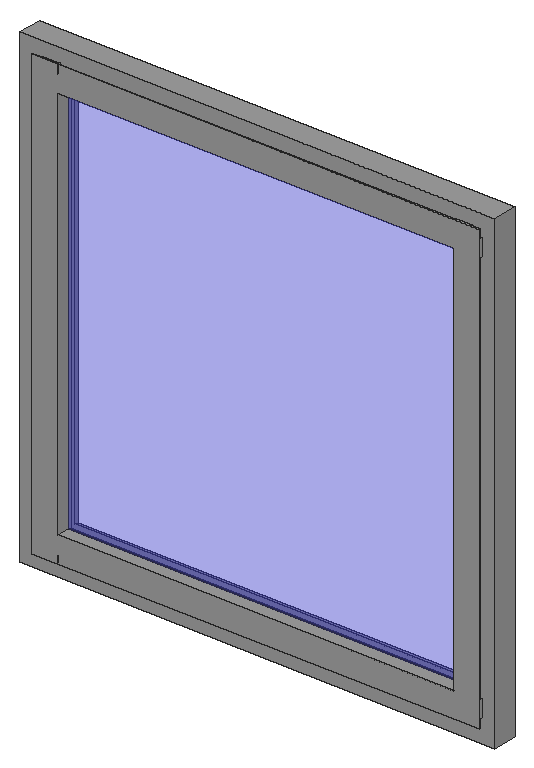
Revit family "12PL IP001_v02", category Windows, host Wall, Revit 2015
Parameters
  Wall Thickness [instance] = 0' - 6"
  URL = "obe.com"
  Rough Width = Width + 0' 0 1/2"  # 4' - 0 1/2"
  Rough Height = Height + 0' 0 1/2"  # 4' - 0 1/2"
  Offset Limitation [instance] = if((Offset + 0' 2 1/2") > Wall Thickness, (Wall Thickness - 0' 2 1/2"), Offset)  # 0' - 0"
  Offset [instance] = 0' - 0"
  Model = "12PL IP001"
  Manufacturer = "Oldcastle BuildingEnvelope®"
  Keynote = "08 51 00"
  Height = 4' - 0"
  Glass Material = Glass
  Frame Material = Aluminum
  Description = "SIGNATURE SERIES 12PL"
  Default Sill Height = 3' - 0"
  Wall Closure = By host
  Width = 4' - 0"
  Construction Type = ""
  Assembly Code = "B2020"
  Analytic Construction = "<None>"
Reference planes (in)
  plane 1 "Center (Front/Back)": y = 0
  plane 2: z = 0
  plane 3 "Center (Left/Right)": x = 0
  plane 4 "Left": x = -24.25
  plane 5 "Right": x = 24.25
  plane 6 "Sill": z = 36
  plane 7 "Top": z = 84.5
  plane 8: x = 24
  plane 9: x = -24
  plane 10: z = 84.25
  plane 11: z = 36.25
  plane 12 "Offset": y = 3
  plane 13: z = 80.9995
  plane 14: z = 39.5005
  plane 15 "INT": y = 1.53125
Forms (in)
  Sweep 1, solid, material "Aluminum" <- "Frame Material"
    path origin (0, 3, 0) x (1, 0, 0) y (0, 0, 1)
      loop
        line (-24, 83.125) -> (-24, 37.375)
    profile origin (-24, 3, 60.25) x (0, -1, 0) y (1, 0, 0)
      loop
        line (2.75, 1.125) -> (2.75, 3.751) -> (1.46875, 3.751) -> (1.46875, 3.2505) -> (0.46875, 3.2505) -> (0.46875, 3.7505) -> (0.1875, 3.7505) -> (0.1875, 2.063) -> (2.65625, 2.063) -> (2.65625, 1.125) -> (2.75, 1.125)
  Sweep 2, solid, material "Aluminum" <- "Frame Material"
    path origin (0, 3, 0) x (-1, 0, 0) y (0, 0, 1)
      loop
        line (-24, 83.125) -> (-24, 37.375)
    profile origin (24, 3, 60.25) x (0, -1, 0) y (1, 0, 0)
      loop
        line (2.75, -1.125) -> (2.65625, -1.125) -> (2.65625, -2.063) -> (0.1875, -2.063) -> (0.1875, -3.7505) -> (0.46875, -3.7505) -> (0.46875, -3.2505) -> (1.46875, -3.2505) -> (1.46875, -3.751) -> (2.75, -3.751) -> (2.75, -1.125)
  Sweep 3, solid, material "Aluminum" <- "Frame Material"
    path origin (0, 3, 0) x (1, 0, 0) y (0, 0, 1)
      loop
        line (-22.875, 36.25) -> (22.875, 36.25)
    profile origin (0, 3, 36.25) x (0, 0, 1) y (0, -1, 0)
      loop
        line (2.063, 0.1875) -> (3.7505, 0.1875) -> (3.7505, 0.46875) -> (3.2505, 0.46875) -> (3.2505, 1.46875) -> (3.751, 1.46875) -> (3.751, 2.75) -> (1.125, 2.75) -> (1.125, 2.65625) -> (2.063, 2.65625) -> (2.063, 0.1875)
  Sweep 4, solid, material "Aluminum" <- "Frame Material"
    path origin (0, 3, 0) x (1, 0, 0) y (0, 0, 1)
      loop
        line (-22.875, 84.25) -> (22.875, 84.25)
    profile origin (0, 3, 84.25) x (0, 0, 1) y (0, -1, 0)
      loop
        line (-3.2505, 0.46875) -> (-3.7505, 0.46875) -> (-3.7505, 0.1875) -> (-2.063, 0.1875) -> (-2.063, 2.65625) -> (-1.125, 2.65625) -> (-1.125, 2.75) -> (-3.7505, 2.75) -> (-3.7505, 1.46875) -> (-3.2505, 1.46875) -> (-3.2505, 0.46875)
  Extrusion 5, solid, material "Glass" <- "Glass Material", detail levels coarse
    sketch origin (0, 0, 36) x (0, -1, 0) y (1, 0, 0)
      loop
        line (-2.53125, -20.7495) -> (-1.53125, -20.7495) -> (-1.53125, 20.7495) -> (-2.53125, 20.7495) -> (-2.53125, -20.7495)
    from 3.5005 to 44.9995
  Extrusion 6, solid, material "Glass" <- "Glass Material", detail levels medium+fine
    sketch origin (0, 0, 36) x (0, -1, 0) y (1, 0, 0)
      loop
        line (-2.53125, 20.7495) -> (-2.53125, -20.7495) -> (-2.29395, -20.7495) -> (-2.29395, 20.7495) -> (-2.53125, 20.7495)
      loop
        line (-1.78125, -20.7495) -> (-1.53125, -20.7495) -> (-1.53125, 20.7495) -> (-1.78125, 20.7495) -> (-1.78125, -20.7495)
    from 3.5005 to 44.9995
  Sweep 7, solid, material "Aluminum" <- "Frame Material"
    path origin (0, 3, 0) x (1, 0, 0) y (0, 0, 1)
      loop
        line (24.25, 84.25) -> (-24.25, 84.25)
    profile origin (0, 3, 84.25) x (0, 0, -1) y (0, -1, 0)
      loop
        line (1.375, 2.5) -> (-0.25, 2.5) -> (-0.25, 0) -> (2.25, 0) -> (2.25, 0.09375) -> (1.375, 0.09375) -> (1.375, 2.5)
  Sweep 8, solid, material "Aluminum" <- "Frame Material"
    path origin (0, 3, 0) x (1, 0, 0) y (0, 0, 1)
      loop
        line (24.25, 36) -> (-24.25, 36)
    profile origin (0, 3, 36) x (0, 0, -1) y (0, -1, 0)
      loop
        line (-1.625, 2.5) -> (-1.625, 0.09375) -> (-2.5, 0.09375) -> (-2.5, 0) -> (0, 0) -> (0, 2.5) -> (-1.625, 2.5)
  Sweep 9, solid, material "Aluminum" <- "Frame Material"
    path origin (0, 3, 0) x (1, 0, 0) y (0, 0, 1)
      loop
        line (24.25, 84.5) -> (24.25, 36)
    profile origin (24.25, 3, 60.25) x (0, -1, 0) y (1, 0, 0)
      loop
        line (0, 0) -> (0, -2.5) -> (0.09375, -2.5) -> (0.09375, -1.625) -> (2.5, -1.625) -> (2.5, 0) -> (0, 0)
  Sweep 10, solid, material "Aluminum" <- "Frame Material"
    path origin (0, 3, 0) x (1, 0, 0) y (0, 0, 1)
      loop
        line (-24, 84.5) -> (-24, 36)
    profile origin (-24, 3, 60.25) x (0, -1, 0) y (1, 0, 0)
      loop
        line (0, 2.25) -> (0, -0.25) -> (2.5, -0.25) -> (2.5, 1.375) -> (0.09375, 1.375) -> (0.09375, 2.25) -> (0, 2.25)
Cuts and joins
  joined: Sweep 7, Sweep 8, Sweep 9, Sweep 10
  joined: Sweep 1, Sweep 2, Sweep 3, Sweep 4
Lines and regions (in)
  Opening 1
    outline origin (-60, -3, 0) x (1, 0, 0) y (0, 0, 1)
      loop
        line (35.75, 84.5) -> (35.75, 36) -> (84.25, 36) -> (84.25, 84.5) -> (35.75, 84.5)
  model lines, style "Opening Direction"
    curve 1: line (20.249, 1.53125, 80.4995) -> (0, 1.53125, 40.001)
    curve 2: line (0, 1.53125, 40.001) -> (-20.249, 1.53125, 80.4995)
Text (in)
  text "EXTERIOR" at (-58.6888, 60.90694, 0), in view "Ref. Level"
  text "INTERIOR" at (-58.6888, -57.76638, 0), in view "Ref. Level"
  text "Exterior" at (0, 43.65631, 123.19604), in view "Left"
  text "Exterior" at (0, 18.29385, 125.04747), in view "Right"
  text "Min Operable Size\n\n14\" width x 18\" height\n\n\n\nMax Operable Size\n\n72\" x 48\"\n\n\n\nMax Operable Area\n\n20 square feet" at (93.15691, 60.90694, 0), in view "Ref. Level"
Dimensions and locks (in)
  equal spacing: plane 4 "Left", plane 3 "Center (Left/Right)", plane 5 "Right"
  "Rough Height": plane 6 "Sill" to plane 7 "Top"
  "Default Sill Height": plane 2 to plane 6 "Sill"
  locked: plane 6 "Sill" to plane 11 at 0.25
  locked: plane 8 to plane 5 "Right" at 0.25
  "Height": plane 11 to plane 10
  "Offset Limitation": plane 12 "Offset" to host wall
  "Wall Thickness": host wall to host wall
  "Width": plane 9 to plane 8
  "Rough Width": plane 4 "Left" to plane 5 "Right"
  plane 12 "Offset" to Extrusion 5 sketch curve to Extrusion 5 sketch curve = 0' - 0 15/32" locked, 0' - 1" locked
  locked: plane 13 to plane 10 at 3.2505
  locked: plane 11 to plane 14 at 3.2505
  plane 12 "Offset" to Extrusion 6 sketch curve to Extrusion 6 sketch curve to Extrusion 6 sketch curve to Extrusion 6 sketch curve = 0' - 0 15/32" locked, 0' - 0.2373" locked, 0' - 0.5127" locked, 0' - 0 1/4" locked
  locked: plane 4 "Left" to Sweep 3 sketch curve at 1.375
  locked: Sweep 3 sketch curve to plane 5 "Right" at 1.375
  locked: plane 6 "Sill" to Sweep 2 sketch curve at 1.375
  locked: Sweep 2 sketch curve to plane 10 at 1.125
  locked: Sweep 4 sketch curve to plane 5 "Right" at 1.375
  locked: plane 4 "Left" to Sweep 4 sketch curve at 1.375
  locked: plane 11 to Sweep 1 sketch curve at 1.125
  locked: Sweep 1 sketch curve to plane 7 "Top" at 1.375
  locked: plane 15 "INT" to plane 12 "Offset" at 1.46875
  aligned and locked: plane 7 "Top" to Opening 1 sketch curve
  aligned and locked: plane 6 "Sill" to Opening 1 sketch curve  (x2)
  aligned and locked: plane 5 "Right" to Opening 1 sketch curve
  aligned and locked: plane 4 "Left" to Opening 1 sketch curve
  aligned and locked: level to plane 2
  aligned and locked: plane 9 to Sweep 1 sketch curve
  aligned and locked: Sweep 2 sketch curve to plane 8
  aligned and locked: plane 11 to Sweep 3 sketch curve
  aligned and locked: plane 10 to Sweep 4 sketch curve
  aligned and locked: plane 14 to Extrusion 5
  aligned and locked: Extrusion 5 to plane 13
  aligned and locked: plane 14 to Extrusion 6
  aligned and locked: Extrusion 6 to plane 13
  aligned and locked: plane 10 to Sweep 7 sketch curve
  aligned and locked: plane 4 "Left" to Sweep 7 sketch curve
  aligned and locked: plane 5 "Right" to Sweep 7 sketch curve
  aligned and locked: plane 6 "Sill" to Sweep 8 sketch curve
  aligned and locked: plane 4 "Left" to Sweep 8 sketch curve
  aligned and locked: plane 5 "Right" to Sweep 8 sketch curve
  aligned and locked: plane 6 "Sill" to Sweep 9 sketch curve
  aligned and locked: Sweep 9 sketch curve to plane 5 "Right"
  aligned and locked: plane 7 "Top" to Sweep 9 sketch curve
  aligned and locked: Sweep 10 sketch curve to plane 9
  aligned and locked: plane 6 "Sill" to Sweep 10 sketch curve
  aligned and locked: plane 7 "Top" to Sweep 10 sketch curve
Automatic sketch dimensions
  Sweep 1 sketch curve to Sweep 1 sketch curve = 0' - 0 9/32"
  Sweep 1 sketch curve to Sweep 1 sketch curve = 0' - 1"
  Sweep 1 sketch curve to profile plane = 0' - 1 1/8"
  Sweep 1 sketch curve to Sweep 1 sketch curve = 0' - 1 3/16"  (x2)
  Sweep 1 sketch curve to Sweep 1 sketch curve = 0' - 1 9/32"
  Sweep 1 sketch curve to Sweep 1 sketch curve = 0' - 0 1/2"
  Sweep 1 sketch curve to Sweep 1 sketch curve = 0' - 0.5005"
  plane 12 "Offset" to Sweep 2 sketch curve = 0' - 0 3/16"
  Sweep 2 sketch curve to Sweep 2 sketch curve = 0' - 0 9/32"
  Sweep 2 sketch curve to Sweep 2 sketch curve = 0' - 1"
  profile plane to Sweep 2 sketch curve = 0' - 1 1/8"
  Sweep 2 sketch curve to Sweep 2 sketch curve = 0' - 1 3/16"  (x2)
  Sweep 2 sketch curve to Sweep 2 sketch curve = 0' - 1 9/32"
  Sweep 2 sketch curve to Sweep 2 sketch curve = 0' - 0 1/2"
  Sweep 2 sketch curve to Sweep 2 sketch curve = 0' - 0.5005"
  Sweep 3 sketch curve to Sweep 3 sketch curve = 0' - 0 1/2"
  Sweep 3 sketch curve to Sweep 3 sketch curve = 0' - 1"
  Sweep 3 sketch curve to Sweep 3 sketch curve = 0' - 0.0005"
  Sweep 3 sketch curve to profile plane = 0' - 1 1/8"
  Sweep 3 sketch curve to Sweep 3 sketch curve = 0' - 0 3/32"
  plane 12 "Offset" to Sweep 3 sketch curve = 0' - 0 15/32"
  plane 12 "Offset" to Sweep 4 sketch curve = 0' - 1 15/32"
  Sweep 4 sketch curve to Sweep 4 sketch curve = 0' - 0 1/2"  (x2)
  profile plane to Sweep 4 sketch curve = 0' - 1 1/8"
  Sweep 4 sketch curve to Sweep 4 sketch curve = 0' - 1 3/16"  (x2)
  Sweep 4 sketch curve to Sweep 4 sketch curve = 0' - 0 3/32"
  Sweep 4 sketch curve to Sweep 4 sketch curve = 0' - 0 9/32"
  Extrusion 5 sketch curve to plane 9 = 0' - 3.2505"
  plane 8 to Extrusion 5 sketch curve = 0' - 3.2505"
  Extrusion 6 sketch curve to plane 9 = 0' - 3.2505"
  Extrusion 6 sketch curve to Extrusion 6 sketch curve = 0' - 0"  (x2)
  plane 8 to Extrusion 6 sketch curve = 0' - 3.2505"
  plane 12 "Offset" to Sweep 4 sketch curve = 0' - 0 3/16"
  Sweep 4 sketch curve to Sweep 4 sketch curve = 0' - 0.938"
  profile plane to Sweep 7 sketch curve = 0' - 0 1/4"
  Sweep 7 sketch curve to profile plane = 0' - 1 3/8"
  plane 12 "Offset" to Sweep 7 sketch curve = 0' - 0 3/32"
  plane 12 "Offset" to Sweep 7 sketch curve = 0' - 2 1/2"
  Sweep 7 sketch curve to Sweep 7 sketch curve = 0' - 0 7/8"
  Sweep 7 sketch curve to plane 12 "Offset" = 0' - 0"
  Sweep 3 sketch curve to Sweep 3 sketch curve = 0' - 1 9/32"
  plane 12 "Offset" to Sweep 3 sketch curve = 0' - 0 3/16"
  Sweep 3 sketch curve to Sweep 3 sketch curve = 0' - 1 3/16"
  Sweep 3 sketch curve to Sweep 3 sketch curve = 0' - 0.938"
  profile plane to Sweep 8 sketch curve = 0' - 1 5/8"
  Sweep 8 sketch curve to Sweep 8 sketch curve = 0' - 0 7/8"
  Sweep 8 sketch curve to profile plane = 0' - 0"
  plane 12 "Offset" to Sweep 8 sketch curve = 0' - 0 3/32"
  Sweep 8 sketch curve to Sweep 8 sketch curve = 0' - 2 13/32"
  Sweep 8 sketch curve to plane 12 "Offset" = 0' - 0"
  Sweep 2 sketch curve to Sweep 2 sketch curve = 0' - 0.938"
  plane 12 "Offset" to Sweep 9 sketch curve = 0' - 0"
  profile plane to Sweep 9 sketch curve = 0' - 0"
  profile plane to Sweep 9 sketch curve = 0' - 1 5/8"
  plane 12 "Offset" to Sweep 9 sketch curve = 0' - 0 3/32"
  Sweep 9 sketch curve to Sweep 9 sketch curve = 0' - 0 7/8"
  Sweep 9 sketch curve to Sweep 9 sketch curve = 0' - 2 13/32"
  plane 12 "Offset" to Sweep 1 sketch curve = 0' - 0 3/16"
  Sweep 1 sketch curve to Sweep 1 sketch curve = 0' - 0.938"
  Sweep 10 sketch curve to profile plane = 0' - 1 3/8"
  profile plane to Sweep 10 sketch curve = 0' - 0 1/4"
  Sweep 10 sketch curve to Sweep 10 sketch curve = 0' - 0 3/32"
  Sweep 10 sketch curve to Sweep 10 sketch curve = 0' - 2 13/32"
  Sweep 10 sketch curve to Sweep 10 sketch curve = 0' - 0 7/8"
  plane 12 "Offset" to Sweep 10 sketch curve = 0' - 0"
  curve 2 to plane 3 "Center (Left/Right)" = 0' - 0"
  curve 1 to plane 14 = 0' - 0.5005"
  plane 13 to curve 2 = 0' - 0 1/2"
  curve 2 to plane 9 = 0' - 3.751"
  plane 13 to curve 1 = 0' - 0 1/2"
  plane 8 to curve 1 = 0' - 3.751"
